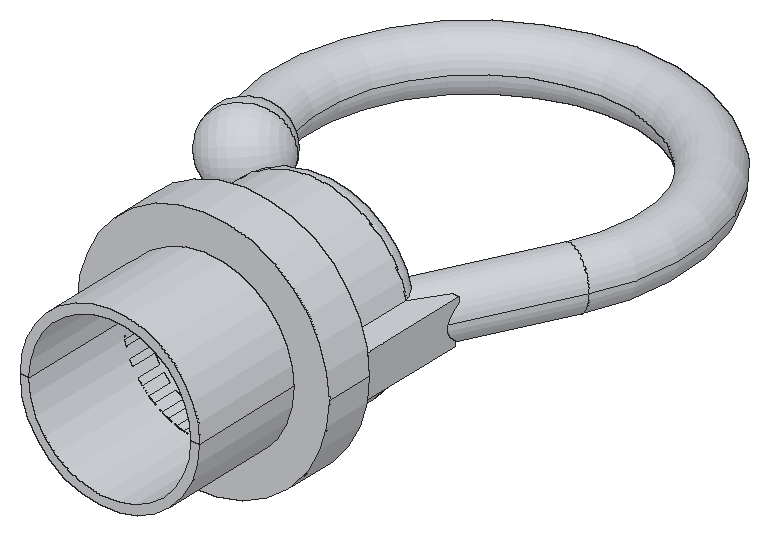
Revit family "JC1", category Generic Models, Revit 2017
Family settings
  Can host rebar = No
  Round Connector Dimension = Use Diameter
  Part Type = Normal
  Work Plane-Based = No
  Always vertical = Yes
  Cut with Voids When Loaded = No
  Shared = No
  Room Calculation Point = No
Parameters (values of type "NBS Standard Parameters")
  WarrantyStartDate [instance] = "1900-12-31T23:59:59"
  WarrantyGuarantorParts = "n/a"
  WarrantyGuarantorLabor = "n/a"
  WarrantyDurationUnit = "1 year"
  WarrantyDurationParts = "n/a"
  WarrantyDurationLabor = "n/a"
  WarrantyDescription = "n/a"
  Version = "1"
  Uniclass2 = "Pr_65_70_11_20"
  TagNumber [instance] = "n/a"
  SustainabilityPerformance = "n/a"
  Size = "20mm"
  Shape = "Circular"
  SerialNumber [instance] = "n/a"
  Revision = "n/a"
  ReplacementCost = "n/a"
  ProductInformation = "www.metpro.co.uk/pdf/Mhm1g.pdf"
  NominalWidth = 26.8 mm
  NominalLength = 26.8 mm
  NominalHeight = 35 mm
  Name = ""
  NBSTypeID = ""
  NBSReference = "90-55-10/460"
  NBSOfficeMasterTag = ""
  NBSNote = ""
  NBSDescription = "Conduit Fittings"
  NBSCertification = ""
  ModelReference = "MHM1B"
  ModelNumber = "n/a"
  Material = "Malleable Iron"
  ManufacturerURL = "www.metpro.co.uk"
  ManufacturerName = "Metpro Ltd"
  Keynote = "Compliant to LU standard 1-085"
  InstallationDate [instance] = "1900-12-31T23:59:59"
  IfcExportType = ""
  IfcExportAs = ""
  Grade = "n/a"
  Finish = "Black"
  Features = "n/a"
  ExpectedLife = "n/a"
  DurationUnit = "year"
  Description = "MHM1B  - 20mm Male Hook"
  Constituents = "n/a"
  Color = "n/a"
  CodePerformance = "n/a"
  Category = "n/a"
  BarCode [instance] = "n/a"
  BIMObjectName = "Metpro_Metprolibrary_Conduitfittings_metalcomponents_Steelaccessories"
  Author = ""
  AssetType = ""
  AssetIdentifier [instance] = "n/a"
  AccessibilityPerformance = "n/a"
Reference planes
  plane 1 "Center (Front/Back)": y = 0
  plane 2: z = 0
  plane 3 "Center (Left/Right)": x = 0
Forms (mm)
  Revolve 1, solid
    sketch origin (0, -7.188, 101.394) x (0, 1, 0) y (-1, 0, 0)
      loop
        line (5131.808, 100.3) -> (5146.808, 100.3) -> (5146.808, 99.095) -> (5159.409, 99.095)
        arc (5159.409, 99.095) -> (5161.105, 99.798) -> (5161.808, 101.494) r 2.399
        line (5161.808, 101.494) -> (5161.808, 103.423) -> (5160.808, 103.423) -> (5160.808, 101.494)
        arc (5160.808, 101.494) -> (5160.398, 100.505) -> (5159.409, 100.095) r 1.399
        line (5159.409, 100.095) -> (5147.808, 100.095) -> (5147.808, 101.3) -> (5131.808, 101.3) -> (5131.808, 100.3)
      axis (5131.808, 110.3) -> (5161.808, 110.3)
    angle from 0 to 360
  Sweep 2, solid
    path origin (0, -7.188, 101.394) x (0, 1, 0) y (-1, 0, 0)
      loop
        line (5159.447, 101.417) -> (5175.152, 93.415)
        arc (5175.152, 93.415) -> (5204.94, 111.67) -> (5175.152, 129.924) r 20.487
    profile origin (-97.416, 5160.111, 101.394) x (-0.891007, 0.45399, 0) y (0, 0, 1)
      loop
        circle (0, 0) r 3.2
  Extrusion 3, solid
    sketch origin (-110.3, 5139.619, 101.394) x (0, 0, -1) y (1, 0, 0)
      loop
        circle (0, 0) r 9
      loop
        circle (0, 0) r 14
    from -3.528 to 2
  Revolve 4, solid
    sketch origin (-129.924, 5167.963, 101.394) x (0, 0, 1) y (-0.891007, -0.45399, 0)
      loop
        arc (0.765, -4.562) -> (4.574, 0.694) -> (-0.682, 4.503) r 4.59
        line (-0.682, 4.503) -> (0.765, -4.562)
      axis (0.765, -4.562) -> (-0.682, 4.503)
    angle from 0 to 360
  Extrusion 5, solid
    sketch origin (-110.3, 5143.148, 101.394) x (0, 0, 1) y (1, 0, 0)
      loop
        line (2.698, 9.859) -> (2.368, 13.798) -> (-2.732, 13.371) -> (-2.269, 7.848) -> (2.698, 9.859)
    from 0 to 12.639
Dimensions and locks
  aligned and locked: level to plane 2
